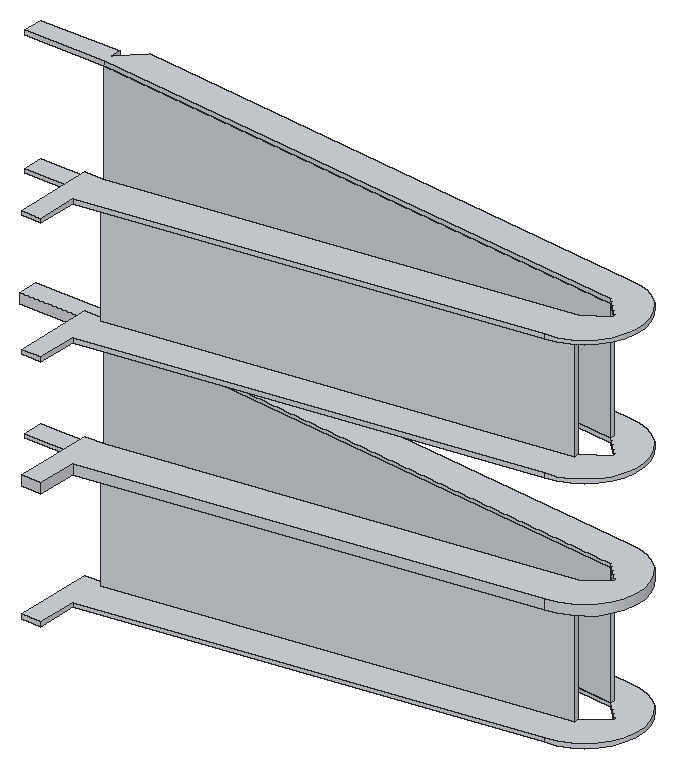
Revit family "BC300_2017_new", category Electrical Equipment, Revit 2017
Family settings
  Round Connector Dimension = Use Diameter
  Part Type = Panelboard
  OmniClass Number = 23.80.30.11.17
  OmniClass Title = Distribution Boards and Control Panels
  Work Plane-Based = No
  Always vertical = Yes
  Cut with Voids When Loaded = No
  Shared = No
  Room Calculation Point = No
Parameters
  Width = 1' - 0 1/2"  # constant formula
  Symbol Visible [instance] = yes
  Label Visible [instance] = yes
  Label Type = Generic Label 2017 : Generic Label 2017
  Label Angle [instance] = 0.00°
  Label - Y Offset [instance] = 0' - 0"
  Label - X Offset [instance] = 0' - 0"
  Label [instance] = ""
  Height = 1' - 1 1/4"  # constant formula
  Elevation from Level [instance] = 0' - 0"
  Depth = 0' - 3 77/256"  # constant formula
Reference planes (in)
  plane 1 "Center (Front/Back)": y = -0.80117
  plane 2: z = 0
  plane 3 "Center (Left/Right)": x = 0
  plane 4: x = 6.25
  plane 5: x = -6.25
  plane 6: y = -2.45156
  plane 7: z = 13.25
  plane 8: x = 0
  plane 9: y = -0.80117
  plane 10: z = 0
  plane 11: y = 0.84922
Forms (in)
  Extrusion 1, solid, not visible
    sketch origin (0, 0, 0) x (1, 0, 0) y (0, 1, 0)
      loop
        line (-4, 10.25) -> (-3.5, 10.25) -> (-3.5, 11.23922) -> (7.17938, 12.82098)
        arc (7.17938, 12.82098) -> (8.48228, 14.238) -> (7.10223, 15.58) r 1.38059
        line (7.10223, 15.58) -> (-5.96967, 16.76505) -> (-6.5, 16.23472) -> (-6.5, 16.48472) -> (-8.5, 16.48472) -> (-8.5, 15.98472) -> (-6.5, 15.98472) -> (7.31887, 14.74382) -> (7.82469, 14.238) -> (7.22723, 13.8296) -> (-3.5, 12.25) -> (-4, 12.25) -> (-4, 10.25)
    from 0 to 0.10156
  Extrusion 2, solid, not visible
    sketch origin (0, 0, -6) x (1, 0, 0) y (0, 1, 0)
      loop
        line (-4, 10.25) -> (-3.5, 10.25) -> (-3.5, 11.23922) -> (7.17938, 12.82098)
        arc (7.17938, 12.82098) -> (8.48228, 14.238) -> (7.10223, 15.58) r 1.38059
        line (7.10223, 15.58) -> (-5.96967, 16.76505) -> (-6.5, 16.23472) -> (-6.5, 16.48472) -> (-8.625, 16.48472) -> (-8.625, 15.98472) -> (-6.5, 15.98472) -> (7.31887, 14.74382) -> (7.82469, 14.238) -> (7.22723, 13.8296) -> (-3.5, 12.25) -> (-4, 12.25) -> (-4, 10.25)
    from 9 to 9.25
  Extrusion 3, solid, not visible
    sketch origin (0, 0, 0) x (1, 0, 0) y (0, 1, 0)
      loop
        line (-6.49717, 15.98447) -> (7.31887, 14.74382) -> (7.32795, 14.84497) -> (-6.48808, 16.08562) -> (-6.49717, 15.98447)
    from 0.10156 to 3.14844
  Extrusion 4, solid, not visible
    sketch origin (0, 0, 0) x (1, 0, 0) y (0, 1, 0)
      loop
        line (7.22723, 13.8296) -> (-3.5, 12.25) -> (-3.48179, 12.12633) -> (7.24544, 13.70594) -> (7.22723, 13.8296)
    from 0.10156 to 3.14844
  Extrusion 5, solid, not visible
    sketch origin (0, 0, 0) x (1, 0, 0) y (0, 1, 0)
      loop
        line (-4, 10.25) -> (-3.5, 10.25) -> (-3.5, 11.23922) -> (7.17938, 12.82098)
        arc (7.17938, 12.82098) -> (8.48228, 14.238) -> (7.10223, 15.58) r 1.38059
        line (7.10223, 15.58) -> (-5.96967, 16.76505) -> (-6.5, 16.23472) -> (-6.5, 16.48472) -> (-8.5, 16.48472) -> (-8.5, 15.98472) -> (-6.5, 15.98472) -> (7.31887, 14.74382) -> (7.82469, 14.238) -> (7.22723, 13.8296) -> (-3.5, 12.25) -> (-4, 12.25) -> (-4, 10.25)
    from 6 to 6.10156
  Extrusion 6, solid, not visible
    sketch origin (0, 0, 0) x (1, 0, 0) y (0, 1, 0)
      loop
        line (-4, 10.25) -> (-3.5, 10.25) -> (-3.5, 11.23922) -> (7.17938, 12.82098)
        arc (7.17938, 12.82098) -> (8.48228, 14.238) -> (7.10223, 15.58) r 1.38059
        line (7.10223, 15.58) -> (-5.96967, 16.76505) -> (-6.5, 16.23472) -> (-6.5, 16.48472) -> (-8.5, 16.48472) -> (-8.5, 15.98472) -> (-6.5, 15.98472) -> (7.31887, 14.74382) -> (7.82469, 14.238) -> (7.22723, 13.8296) -> (-3.5, 12.25) -> (-4, 12.25) -> (-4, 10.25)
    from 9.14844 to 9.25
  Extrusion 7, solid, not visible
    sketch origin (0, 0, 0) x (1, 0, 0) y (0, 1, 0)
      loop
        line (-6.49717, 15.98447) -> (7.31887, 14.74382) -> (7.32795, 14.84497) -> (-6.48808, 16.08562) -> (-6.49717, 15.98447)
    from 6.10156 to 9.14844
  Extrusion 8, solid, not visible
    sketch origin (0, 0, 0) x (1, 0, 0) y (0, 1, 0)
      loop
        line (7.22723, 13.8296) -> (-3.5, 12.25) -> (-3.48179, 12.12633) -> (7.24544, 13.70594) -> (7.22723, 13.8296)
    from 6.10156 to 9.14844
Lines and regions (in)
  symbolic lines, style "InvisibleLines"
    curve 1: line (0, 2.57383, 0) -> (0, -4.17617, 0)
    curve 2: line (-10.75, -0.80117, 0) -> (10.75, -0.80117, 0)
  symbolic lines, style "InvisibleLines", not visible
    curve 3: line (0, 3.375, 0) -> (0, -3.375, 0)
    curve 4: line (-10.75, 0, 0) -> (10.75, 0, 0)
  symbolic lines, style "ElectricalEquipment", visible <- "Symbol Visible"
    curve 5: line (6.3125, -2.45156, 0) -> (-6.3625, -2.45156, 0)
    curve 6: line (6.25, 0.84922, 0) -> (-6.25, 0.84922, 0)
    curve 7: line (6.25, 0.84922, 0) -> (6.25, -1.95156, 0)
    curve 8: line (6.3125, -1.95156, 0) -> (-6.3625, -1.95156, 0)
    curve 9: line (-6.25, 0.84922, 0) -> (-6.25, -1.95156, 0)
    curve 10: line (-6.3625, -1.95156, 0) -> (-6.3625, -2.45156, 0)
    curve 11: line (6.3125, -1.95156, 0) -> (6.3125, -2.45156, 0)
Dimensions and locks (in)
  equal spacing: plane 5, plane 3 "Center (Left/Right)", plane 4
  "Width": plane 5 to plane 4
  "Height": plane 7 to plane 10
  "Label - X Offset": plane 3 "Center (Left/Right)" to plane 8
  "Label - Y Offset": plane 1 "Center (Front/Back)" to plane 9
  "Elevation from Level": plane 10 to plane 2
  plane 4 to plane 5 = 1' - 0 1/2"
  "Depth": plane 6 to plane 11
  equal spacing: plane 6, plane 1 "Center (Front/Back)", plane 11
  aligned and locked: plane 9 to curve 2
  aligned and locked: plane 10 to import instance
  aligned and locked: import instance to curve 10
  aligned and locked: curve 11 to import instance
Automatic sketch dimensions
  Extrusion 1 sketch curve to Extrusion 1 sketch curve = 0' - 0"
  Extrusion 1 sketch curve to Extrusion 1 sketch curve = 0' - 0.53033"
  Extrusion 1 sketch curve to Extrusion 1 sketch curve = 0' - 0 1/2"  (x3)
  Extrusion 1 sketch curve to Extrusion 1 sketch curve = 0' - 0 1/8"
  Extrusion 1 sketch curve to Extrusion 1 sketch curve = 0' - 0.21664"
  Extrusion 1 sketch curve to Extrusion 1 sketch curve = 0' - 0.98922"
  Extrusion 1 sketch curve to Extrusion 1 sketch curve = 0' - 1.01078"
  Extrusion 1 sketch curve to Extrusion 1 sketch curve = 0' - 1.00863"
  Extrusion 1 sketch curve to Extrusion 1 sketch curve = 0' - 0.36981"
  Extrusion 1 sketch curve to Extrusion 1 sketch curve = 0' - 0.03859"
  Extrusion 1 sketch curve to Extrusion 1 sketch curve = 0' - 0.54441"
  Extrusion 1 sketch curve to Extrusion 1 sketch curve = 0' - 0 1/4"
  Extrusion 1 sketch curve to Extrusion 1 sketch curve = 0' - 0.28033"
  Extrusion 2 sketch curve to Extrusion 2 sketch curve = 0' - 0"
  Extrusion 2 sketch curve to Extrusion 2 sketch curve = 0' - 0.53033"
  Extrusion 2 sketch curve to Extrusion 2 sketch curve = 0' - 0 1/2"  (x3)
  Extrusion 2 sketch curve to Extrusion 2 sketch curve = 0' - 0 1/8"
  Extrusion 2 sketch curve to Extrusion 2 sketch curve = 0' - 0.21664"
  Extrusion 2 sketch curve to Extrusion 2 sketch curve = 0' - 0.98922"
  Extrusion 2 sketch curve to Extrusion 2 sketch curve = 0' - 1.01078"
  Extrusion 2 sketch curve to Extrusion 2 sketch curve = 0' - 1.00863"
  Extrusion 2 sketch curve to Extrusion 2 sketch curve = 0' - 0.36981"
  Extrusion 2 sketch curve to Extrusion 2 sketch curve = 0' - 0.03859"
  Extrusion 2 sketch curve to Extrusion 2 sketch curve = 0' - 0.54441"
  Extrusion 2 sketch curve to Extrusion 2 sketch curve = 0' - 3.73472"
  Extrusion 2 sketch curve to Extrusion 2 sketch curve = 0' - 0 1/4"
  Extrusion 2 sketch curve to Extrusion 2 sketch curve = 0' - 0.28033"
  Extrusion 3 sketch curve to Extrusion 3 sketch curve = 0' - 0.00908"
  Extrusion 3 sketch curve to Extrusion 3 sketch curve = 0' - 0.10116"
  Extrusion 4 sketch curve to Extrusion 4 sketch curve = 0' - 0.12367"
  Extrusion 4 sketch curve to Extrusion 4 sketch curve = 0' - 0.01821"
  Extrusion 2 sketch curve to Extrusion 2 sketch curve = 0' - 2 1/8"
  Extrusion 2 sketch curve to Extrusion 2 sketch curve = 0' - 2 1/2"
  Extrusion 2 sketch curve to Extrusion 2 sketch curve = 0' - 10.60223"
  Extrusion 2 sketch curve to Extrusion 2 sketch curve = 0' - 0.04785"
  Extrusion 2 sketch curve to Extrusion 2 sketch curve = 0' - 0.50582"
  Extrusion 2 sketch curve to Extrusion 2 sketch curve = 0' - 0.57098"
  Extrusion 3 sketch curve to Extrusion 3 sketch curve = 1' - 1.81603"
  Extrusion 4 sketch curve to Extrusion 4 sketch curve = 0' - 10.72723"
  Extrusion 1 sketch curve to Extrusion 1 sketch curve = 0' - 2"
  Extrusion 1 sketch curve to Extrusion 1 sketch curve = 0' - 2 1/2"
  Extrusion 1 sketch curve to Extrusion 1 sketch curve = 0' - 10.60223"
  Extrusion 1 sketch curve to Extrusion 1 sketch curve = 0' - 0.04785"
  Extrusion 1 sketch curve to Extrusion 1 sketch curve = 0' - 0.50582"
  Extrusion 1 sketch curve to Extrusion 1 sketch curve = 0' - 0.57098"
  Extrusion 1 sketch curve to Extrusion 1 sketch curve = 0' - 3.73472"
  Extrusion 5 sketch curve to Extrusion 5 sketch curve = 0' - 0"
  Extrusion 5 sketch curve to Extrusion 5 sketch curve = 0' - 0.53033"
  Extrusion 5 sketch curve to Extrusion 5 sketch curve = 0' - 0 1/2"  (x3)
  Extrusion 5 sketch curve to Extrusion 5 sketch curve = 0' - 0 1/8"
  Extrusion 5 sketch curve to Extrusion 5 sketch curve = 0' - 0.21664"
  Extrusion 5 sketch curve to Extrusion 5 sketch curve = 0' - 0.98922"
  Extrusion 5 sketch curve to Extrusion 5 sketch curve = 0' - 1.01078"
  Extrusion 5 sketch curve to Extrusion 5 sketch curve = 0' - 1.00863"
  Extrusion 5 sketch curve to Extrusion 5 sketch curve = 0' - 0.36981"
  Extrusion 5 sketch curve to Extrusion 5 sketch curve = 0' - 0.03859"
  Extrusion 5 sketch curve to Extrusion 5 sketch curve = 0' - 0.54441"
  Extrusion 5 sketch curve to Extrusion 5 sketch curve = 0' - 0 1/4"
  Extrusion 5 sketch curve to Extrusion 5 sketch curve = 0' - 0.28033"
  Extrusion 6 sketch curve to Extrusion 6 sketch curve = 0' - 0"
  Extrusion 6 sketch curve to Extrusion 6 sketch curve = 0' - 0.53033"
  Extrusion 6 sketch curve to Extrusion 6 sketch curve = 0' - 0 1/2"  (x3)
  Extrusion 6 sketch curve to Extrusion 6 sketch curve = 0' - 0 1/8"
  Extrusion 6 sketch curve to Extrusion 6 sketch curve = 0' - 0.21664"
  Extrusion 6 sketch curve to Extrusion 6 sketch curve = 0' - 0.98922"
  Extrusion 6 sketch curve to Extrusion 6 sketch curve = 0' - 1.01078"
  Extrusion 6 sketch curve to Extrusion 6 sketch curve = 0' - 1.00863"
  Extrusion 6 sketch curve to Extrusion 6 sketch curve = 0' - 0.36981"
  Extrusion 6 sketch curve to Extrusion 6 sketch curve = 0' - 0.03859"
  Extrusion 6 sketch curve to Extrusion 6 sketch curve = 0' - 0.54441"
  Extrusion 6 sketch curve to Extrusion 6 sketch curve = 0' - 3.73472"
  Extrusion 6 sketch curve to Extrusion 6 sketch curve = 0' - 0 1/4"
  Extrusion 6 sketch curve to Extrusion 6 sketch curve = 0' - 0.28033"
  Extrusion 7 sketch curve to Extrusion 7 sketch curve = 0' - 0.00908"
  Extrusion 7 sketch curve to Extrusion 7 sketch curve = 0' - 0.10116"
  Extrusion 8 sketch curve to Extrusion 8 sketch curve = 0' - 0.12367"
  Extrusion 8 sketch curve to Extrusion 8 sketch curve = 0' - 0.01821"
  Extrusion 6 sketch curve to Extrusion 6 sketch curve = 0' - 2"
  Extrusion 6 sketch curve to Extrusion 6 sketch curve = 0' - 2 1/2"
  Extrusion 6 sketch curve to Extrusion 6 sketch curve = 0' - 10.60223"
  Extrusion 6 sketch curve to Extrusion 6 sketch curve = 0' - 0.04785"
  Extrusion 6 sketch curve to Extrusion 6 sketch curve = 0' - 0.50582"
  Extrusion 6 sketch curve to Extrusion 6 sketch curve = 0' - 0.57098"
  Extrusion 7 sketch curve to Extrusion 7 sketch curve = 1' - 1.81603"
  Extrusion 8 sketch curve to Extrusion 8 sketch curve = 0' - 10.72723"
  Extrusion 5 sketch curve to Extrusion 5 sketch curve = 0' - 0.04785"
  Extrusion 5 sketch curve to Extrusion 5 sketch curve = 0' - 2"
  Extrusion 5 sketch curve to Extrusion 5 sketch curve = 0' - 2 1/2"
  Extrusion 5 sketch curve to Extrusion 5 sketch curve = 0' - 10.60223"
  Extrusion 5 sketch curve to Extrusion 5 sketch curve = 0' - 0.50582"
  Extrusion 5 sketch curve to Extrusion 5 sketch curve = 0' - 0.57098"
  Extrusion 5 sketch curve to Extrusion 5 sketch curve = 0' - 3.73472"
  plane 6 to curve 5 = 0' - 0"
  curve 9 to plane 5 = 0' - 0"
  curve 6 to plane 4 = 0' - 0"
  plane 11 to curve 6 = 0' - 0"
  curve 8 to plane 6 = 0' - 0 1/2"
Nested families (in)
  nested 1: "Generic Label 2017" at (-1.25796, -2.5655, 0), Label Angle <- "Label Angle", type <- "Label Type", visible <- "Label Visible", type "Generic Label 2017"
    with Label Angle 0.00°
  nested 2: "Generic Label 2017" at (-1.25796, -1.76433, 0), Label Angle <- "Label Angle", type <- "Label Type", visible <- "Label Visible", type "Generic Label 2017", not visible
    with Label Angle 0.00°
Definition of nested family "Generic Label 2017"
  Parameters (values of type "Generic Label 2017")
    Label Angle [instance] = 0.00°
    Label = ""
  Reference planes (in)
    plane 1: y = 0
    plane 2: x = 0
  Lines and regions (in)
    reference lines
      curve 1: line (0.05319, 3.48642, 0) -> (0.05319, -2.76358, 0)
      curve 2: line (-2.94681, 0.07185, 0) -> (3.55319, 0.07185, 0)
    detail lines
      curve 3: line (0.05319, 0.01481, 0) -> (0.05319, 0.1289, 0)
    detail lines, not visible
      curve 4: line (0.01286, 0.03152, 0) -> (0.01286, 0.1456, 0)
  Text (in)
    label "Label" at (0.05865, 0.07252, 0), shows "Label"
    label "Label" at (0.01831, 0.08923, 0), shows "Label", not visible
  Dimensions and locks (in)
    "Label Angle": angle curve 1 to curve 3
    aligned and locked: curve 1 to curve 3
  Automatic sketch dimensions
    curve 2 to plane 1 = 0' - 0.07185"
    curve 2 to plane 2 = 0' - 2.94681"
    plane 2 to curve 1 = 0' - 0.05319"
    plane 2 to curve 2 = 0' - 3.55319"
    plane 1 to curve 1 = 0' - 2.76358"
    curve 1 to plane 1 = 0' - 3.48642"
    curve 3 to curve 3 = 0' - 0"
    curve 3 to curve 3 = 0' - 0.11408"
    curve 4 to curve 4 = 0' - 0"
    curve 4 to curve 4 = 0' - 0.11408"
